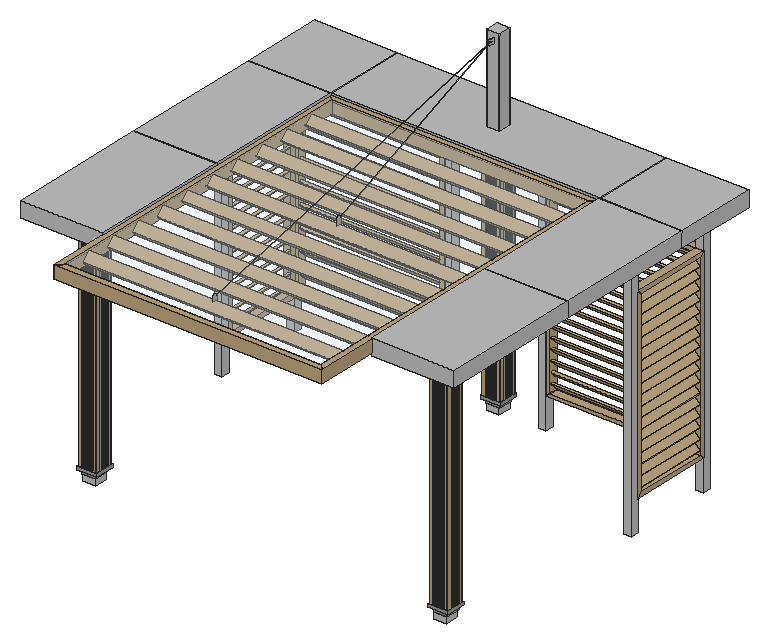
Revit family "L-FUR_파고라_DWP-300_데오스웍스", category 일반 모델, Revit 2021
Family settings
  보강 철근 호스트 가능 = 아니오
  원형 커넥터 치수 = 지름 사용
  부품 유형 = 보통
  작업 기준면 기반 = 아니오
  항상 수직 = 예
  로드될 때 보이드를 사용하여 절단 = 아니오
  공유 = 아니오
  룸 계산 점 = 아니오
Parameters
  한국산업규격KS = ""
  조달청표준공사코드-세부공종 = "24072293"
  기본 입면도 = 0 mm
  건설정보분류체계-부위분류 = "E941"
  LIM_INFO_주의사항 = "재배포, 재가공, 판매 금지"
  LIM_INFO_제품업체 = "예건"
  LIM_INFO_제품번호 = "YF-16"
  LIM_INFO_제품명 = "펜스_YF-16"
  LIM_INFO_제작일 = "20230315"
  LIM_INFO_재료 = "Hardwood, STL-pipe, STL-plate"
  LIM_INFO_업체정보 = ""
  LIM_INFO_업체URL = "https://yekun.com/"
  LIM_INFO_업체TEL = "(+82)31-943-6114"
  LIM_INFO_업체EMAIL = "yekun@yekun.com"
  LIM_INFO_버전 = "2023_V01"
  LIM_INFO_기타정보 = ""
  LIM_INFO_규격 = "W2000 x H1800"
  LIM_INFO_가격 = 0
  LIM_INFO_PV_포장재여부 = yes
  LIM_INFO_PV_면적 = 0.00 m²
  KBIMS_식별-버전 = ""
  KBIMS_식별-bSK등록번호 = ""
  KBIMS_보급정보-저작자 = "림인포테크_MMJ"
  KBIMS_보급정보-보급코드 = ""
Reference planes
  plane 1 "중심(앞/뒤)": y = 0
  plane 2: z = 0
  plane 3 "중심(왼쪽/오른쪽)": x = 0
Dimensions and locks
  aligned and locked: level to plane 2
Nested families
  nested 1: "DWP-300_base" at (0, 0, 0), type "DWP-300_base"
Definition of nested family "DWP-300_base"
  Parameters (values of type "DWP-300_base")
    Default Elevation = 0 mm
  Reference planes
    plane 1 "중심(앞/뒤)": y = 0
    plane 2: z = 0
    plane 3 "중심(왼쪽/오른쪽)": x = 0
  Forms (mm)
    Extrusion 1, solid, detail levels fine
      sketch origin (0, 2760, 0) x (0, 1, 0) y (0, 0, 1)
        loop
          line (-3015.858, 2441.569) -> (-3086.569, 2370.858) -> (-3044.142, 2328.431) -> (-2973.431, 2399.142) -> (-3015.858, 2441.569)
        loop
          line (-2715.858, 2441.569) -> (-2786.569, 2370.858) -> (-2744.142, 2328.431) -> (-2673.431, 2399.142) -> (-2715.858, 2441.569)
        loop
          line (-2373.431, 2399.142) -> (-2415.858, 2441.569) -> (-2486.569, 2370.858) -> (-2444.142, 2328.431) -> (-2373.431, 2399.142)
        loop
          line (-2073.431, 2399.142) -> (-2115.858, 2441.569) -> (-2186.569, 2370.858) -> (-2144.142, 2328.431) -> (-2073.431, 2399.142)
        loop
          line (-1773.431, 2399.142) -> (-1815.858, 2441.569) -> (-1886.569, 2370.858) -> (-1844.142, 2328.431) -> (-1773.431, 2399.142)
        loop
          line (-1473.431, 2399.142) -> (-1515.858, 2441.569) -> (-1586.569, 2370.858) -> (-1544.142, 2328.431) -> (-1473.431, 2399.142)
        loop
          line (-1173.431, 2399.142) -> (-1215.858, 2441.569) -> (-1286.569, 2370.858) -> (-1244.142, 2328.431) -> (-1173.431, 2399.142)
        loop
          line (-873.431, 2399.142) -> (-915.858, 2441.569) -> (-986.569, 2370.858) -> (-944.142, 2328.431) -> (-873.431, 2399.142)
        loop
          line (-573.431, 2399.142) -> (-615.858, 2441.569) -> (-686.569, 2370.858) -> (-644.142, 2328.431) -> (-573.431, 2399.142)
        loop
          line (-273.431, 2399.142) -> (-315.858, 2441.569) -> (-386.569, 2370.858) -> (-344.142, 2328.431) -> (-273.431, 2399.142)
      from 3340 to 860
    Extrusion 2, solid, detail levels fine
      sketch origin (0, 0, 0) x (1, 0, 0) y (0, 1, 0)
        loop
          line (82.5, 3197.5) -> (82.5, 3122.5) -> (157.5, 3122.5) -> (157.5, 3197.5) -> (82.5, 3197.5)
        loop
          line (82.5, 2322.5) -> (82.5, 2247.5) -> (157.5, 2247.5) -> (157.5, 2322.5) -> (82.5, 2322.5)
        loop
          line (1607.5, 3197.5) -> (1607.5, 3122.5) -> (1682.5, 3122.5) -> (1682.5, 3197.5) -> (1607.5, 3197.5)
        loop
          line (2517.5, 3197.5) -> (2517.5, 3122.5) -> (2592.5, 3122.5) -> (2592.5, 3197.5) -> (2517.5, 3197.5)
        loop
          line (4042.5, 3197.5) -> (4042.5, 3122.5) -> (4117.5, 3122.5) -> (4117.5, 3197.5) -> (4042.5, 3197.5)
        loop
          line (4042.5, 2322.5) -> (4042.5, 2247.5) -> (4117.5, 2247.5) -> (4117.5, 2322.5) -> (4042.5, 2322.5)
      from 0 to 2310
    Extrusion 3, solid, detail levels fine
      sketch origin (0, 0, 0) x (1, 0, 0) y (0, 1, 0)
        loop
          line (800, 2760) -> (860, 2700) -> (3340, 2700) -> (3400, 2760) -> (800, 2760)
        loop
          line (3400, -600) -> (3340, -540) -> (860, -540) -> (800, -600) -> (3400, -600)
      from 2445 to 2325
    Extrusion 4, solid, detail levels fine
      sketch origin (0, 0, 0) x (1, 0, 0) y (0, 1, 0)
        loop
          line (3400, -600) -> (3400, 2760) -> (3340, 2700) -> (3340, -540) -> (3400, -600)
        loop
          line (860, -540) -> (860, 2700) -> (800, 2760) -> (800, -600) -> (860, -540)
      from 2445 to 2325
    Extrusion 5, solid, detail levels fine
      sketch origin (0, 0, 0) x (0, 1, 0) y (0, 0, 1)
        loop
          line (3138.787, 2035.355) -> (3124.645, 2021.213) -> (3181.213, 1964.645) -> (3195.355, 1978.787) -> (3138.787, 2035.355)
        loop
          line (3138.787, 1935.355) -> (3124.645, 1921.213) -> (3181.213, 1864.645) -> (3195.355, 1878.787) -> (3138.787, 1935.355)
        loop
          line (3138.787, 1835.355) -> (3124.645, 1821.213) -> (3181.213, 1764.645) -> (3195.355, 1778.787) -> (3138.787, 1835.355)
        loop
          line (3138.787, 1735.355) -> (3124.645, 1721.213) -> (3181.213, 1664.645) -> (3195.355, 1678.787) -> (3138.787, 1735.355)
        loop
          line (3138.787, 1635.355) -> (3124.645, 1621.213) -> (3181.213, 1564.645) -> (3195.355, 1578.787) -> (3138.787, 1635.355)
        loop
          line (3138.787, 1535.355) -> (3124.645, 1521.213) -> (3181.213, 1464.645) -> (3195.355, 1478.787) -> (3138.787, 1535.355)
        loop
          line (3138.787, 1435.355) -> (3124.645, 1421.213) -> (3181.213, 1364.645) -> (3195.355, 1378.787) -> (3138.787, 1435.355)
        loop
          line (3138.787, 1335.355) -> (3124.645, 1321.213) -> (3181.213, 1264.645) -> (3195.355, 1278.787) -> (3138.787, 1335.355)
        loop
          line (3138.787, 1235.355) -> (3124.645, 1221.213) -> (3181.213, 1164.645) -> (3195.355, 1178.787) -> (3138.787, 1235.355)
        loop
          line (3138.787, 1135.355) -> (3124.645, 1121.213) -> (3181.213, 1064.645) -> (3195.355, 1078.787) -> (3138.787, 1135.355)
        loop
          line (3138.787, 1035.355) -> (3124.645, 1021.213) -> (3181.213, 964.645) -> (3195.355, 978.787) -> (3138.787, 1035.355)
        loop
          line (3138.787, 935.355) -> (3124.645, 921.213) -> (3181.213, 864.645) -> (3195.355, 878.787) -> (3138.787, 935.355)
        loop
          line (3138.787, 835.355) -> (3124.645, 821.213) -> (3181.213, 764.645) -> (3195.355, 778.787) -> (3138.787, 835.355)
        loop
          line (3138.787, 735.355) -> (3124.645, 721.213) -> (3181.213, 664.645) -> (3195.355, 678.787) -> (3138.787, 735.355)
        loop
          line (3138.787, 635.355) -> (3124.645, 621.213) -> (3181.213, 564.645) -> (3195.355, 578.787) -> (3138.787, 635.355)
        loop
          line (3138.787, 535.355) -> (3124.645, 521.213) -> (3181.213, 464.645) -> (3195.355, 478.787) -> (3138.787, 535.355)
        loop
          line (3138.787, 435.355) -> (3124.645, 421.213) -> (3181.213, 364.645) -> (3195.355, 378.787) -> (3138.787, 435.355)
      from 1567.5 to 198
    Extrusion 6, solid, detail levels fine
      sketch origin (0, 0, 0) x (0, 1, 0) y (0, 0, 1)
        loop
          line (3138.787, 2035.355) -> (3124.645, 2021.213) -> (3181.213, 1964.645) -> (3195.355, 1978.787) -> (3138.787, 2035.355)
        loop
          line (3138.787, 1935.355) -> (3124.645, 1921.213) -> (3181.213, 1864.645) -> (3195.355, 1878.787) -> (3138.787, 1935.355)
        loop
          line (3138.787, 1835.355) -> (3124.645, 1821.213) -> (3181.213, 1764.645) -> (3195.355, 1778.787) -> (3138.787, 1835.355)
        loop
          line (3138.787, 1735.355) -> (3124.645, 1721.213) -> (3181.213, 1664.645) -> (3195.355, 1678.787) -> (3138.787, 1735.355)
        loop
          line (3138.787, 1635.355) -> (3124.645, 1621.213) -> (3181.213, 1564.645) -> (3195.355, 1578.787) -> (3138.787, 1635.355)
        loop
          line (3138.787, 1535.355) -> (3124.645, 1521.213) -> (3181.213, 1464.645) -> (3195.355, 1478.787) -> (3138.787, 1535.355)
        loop
          line (3138.787, 1435.355) -> (3124.645, 1421.213) -> (3181.213, 1364.645) -> (3195.355, 1378.787) -> (3138.787, 1435.355)
        loop
          line (3138.787, 1335.355) -> (3124.645, 1321.213) -> (3181.213, 1264.645) -> (3195.355, 1278.787) -> (3138.787, 1335.355)
        loop
          line (3138.787, 1235.355) -> (3124.645, 1221.213) -> (3181.213, 1164.645) -> (3195.355, 1178.787) -> (3138.787, 1235.355)
        loop
          line (3138.787, 1135.355) -> (3124.645, 1121.213) -> (3181.213, 1064.645) -> (3195.355, 1078.787) -> (3138.787, 1135.355)
        loop
          line (3138.787, 1035.355) -> (3124.645, 1021.213) -> (3181.213, 964.645) -> (3195.355, 978.787) -> (3138.787, 1035.355)
        loop
          line (3138.787, 935.355) -> (3124.645, 921.213) -> (3181.213, 864.645) -> (3195.355, 878.787) -> (3138.787, 935.355)
        loop
          line (3138.787, 835.355) -> (3124.645, 821.213) -> (3181.213, 764.645) -> (3195.355, 778.787) -> (3138.787, 835.355)
        loop
          line (3138.787, 735.355) -> (3124.645, 721.213) -> (3181.213, 664.645) -> (3195.355, 678.787) -> (3138.787, 735.355)
        loop
          line (3138.787, 635.355) -> (3124.645, 621.213) -> (3181.213, 564.645) -> (3195.355, 578.787) -> (3138.787, 635.355)
        loop
          line (3138.787, 535.355) -> (3124.645, 521.213) -> (3181.213, 464.645) -> (3195.355, 478.787) -> (3138.787, 535.355)
        loop
          line (3138.787, 435.355) -> (3124.645, 421.213) -> (3181.213, 364.645) -> (3195.355, 378.787) -> (3138.787, 435.355)
      from 4002.5 to 2632.5
    Extrusion 7, solid, detail levels fine
      sketch origin (0, 0, 0) x (1, 0, 0) y (0, 0, 1)
        loop
          line (1607.5, 2100.355) -> (157.5, 2100.355) -> (197.5, 2060.355) -> (1567.5, 2060.355) -> (1607.5, 2100.355)
        loop
          line (4042.5, 2100.355) -> (2592.5, 2100.355) -> (2632.5, 2060.355) -> (4002.5, 2060.355) -> (4042.5, 2100.355)
        loop
          line (1607.5, 300) -> (1567.5, 340) -> (197.5, 340) -> (157.5, 300) -> (1607.5, 300)
        loop
          line (4042.5, 300) -> (4002.5, 340) -> (2632.5, 340) -> (2592.5, 300) -> (4042.5, 300)
      from -3197.5 to -3122.5
    Extrusion 8, solid, detail levels fine
      sketch origin (0, 0, 0) x (1, 0, 0) y (0, 1, 0)
        loop
          line (860, 2700) -> (860, -540) -> (3340, -540) -> (3340, 2700) -> (860, 2700)
      from 2435 to 2445
    Extrusion 9, solid, detail levels fine
      sketch origin (0, 0, 0) x (1, 0, 0) y (0, 1, 0)
        loop
          line (0, 1372.5) -> (0, 0) -> (800, 0) -> (800, 1372.5) -> (0, 1372.5)
        loop
          line (4200, 0) -> (4200, 1372.5) -> (3400, 1372.5) -> (3400, 0) -> (4200, 0)
      from 2310 to 2460
    Extrusion 10, solid, detail levels fine
      sketch origin (0, 0, 0) x (1, 0, 0) y (0, 1, 0)
        loop
          line (0, 2760) -> (0, 1372.5) -> (800, 1372.5) -> (800, 2760) -> (0, 2760)
        loop
          line (4200, 1372.5) -> (4200, 2760) -> (3400, 2760) -> (3400, 1372.5) -> (4200, 1372.5)
      from 2310 to 2460
    Extrusion 11, solid, detail levels fine
      sketch origin (0, 0, 0) x (1, 0, 0) y (0, 1, 0)
        loop
          line (0, 3560) -> (0, 2760) -> (800, 2760) -> (800, 3560) -> (0, 3560)
        loop
          line (3400, 3560) -> (3400, 2760) -> (4200, 2760) -> (4200, 3560) -> (3400, 3560)
      from 2310 to 2460
    Extrusion 12, solid, detail levels fine
      sketch origin (0, 0, 0) x (1, 0, 0) y (0, 1, 0)
        loop
          line (800, 3560) -> (800, 2760) -> (3400, 2760) -> (3400, 3560) -> (800, 3560)
      from 2310 to 2460
    Extrusion 13, solid, detail levels fine
      sketch origin (-13199.851, 4742.305, 0) x (1, 0, 0) y (0, 1, 0)
        loop
          line (16979.56, -4254.02) -> (16979.56, -4260.02) -> (16972.654, -4260.02) -> (16972.654, -4254.02) -> (16967.654, -4254.02) -> (16967.654, -4260.02) -> (16960.748, -4260.02) -> (16960.748, -4254.02) -> (16955.748, -4254.02) -> (16955.748, -4260.02) -> (16951.872, -4260.02) -> (16951.872, -4272.52) -> (16998.872, -4272.52) -> (16998.872, -4260.02) -> (16996.466, -4260.02) -> (16996.466, -4254.02) -> (16991.466, -4254.02) -> (16991.466, -4260.02) -> (16984.56, -4260.02) -> (16984.56, -4254.02) -> (16979.56, -4254.02)
        loop
          line (17003.278, -4254.02) -> (17003.278, -4260.02) -> (17000.872, -4260.02) -> (17000.872, -4272.52) -> (17047.872, -4272.52) -> (17047.872, -4260.02) -> (17043.996, -4260.02) -> (17043.996, -4254.02) -> (17038.996, -4254.02) -> (17038.996, -4260.02) -> (17032.09, -4260.02) -> (17032.09, -4254.02) -> (17027.09, -4254.02) -> (17027.09, -4260.02) -> (17020.184, -4260.02) -> (17020.184, -4254.02) -> (17015.184, -4254.02) -> (17015.184, -4260.02) -> (17008.278, -4260.02) -> (17008.278, -4254.02) -> (17003.278, -4254.02)
        loop
          line (16989.466, -4252.02) -> (16989.466, -4258.02) -> (16986.466, -4258.02) -> (16986.466, -4252.02) -> (16977.56, -4252.02) -> (16977.56, -4258.02) -> (16974.56, -4258.02) -> (16974.56, -4252.02) -> (16965.654, -4252.02) -> (16965.654, -4258.02) -> (16962.654, -4258.02) -> (16962.654, -4252.02) -> (16953.748, -4252.02) -> (16953.748, -4258.02) -> (16949.872, -4258.02) -> (16949.872, -4272.52) -> (16930.372, -4272.52) -> (16930.372, -4292.02) -> (16915.872, -4292.02) -> (16915.872, -4295.895) -> (16909.872, -4295.895) -> (16909.872, -4304.801) -> (16915.872, -4304.801) -> (16915.872, -4307.801) -> (16909.872, -4307.801) -> (16909.872, -4316.707) -> (16915.872, -4316.707) -> (16915.872, -4319.707) -> (16909.872, -4319.707) -> (16909.872, -4328.614) -> (16915.872, -4328.614) -> (16915.872, -4331.614) -> (16909.872, -4331.614) -> (16909.872, -4340.52) -> (16915.872, -4340.52) -> (16915.872, -4350.426) -> (16917.872, -4350.426) -> (16917.872, -4316.707) -> (16929.372, -4316.707) -> (16929.372, -4331.02)
          arc (16929.372, -4331.02) -> (16927.372, -4333.02) -> (16929.372, -4335.02) r 2
          line (16929.372, -4335.02) -> (16931.372, -4335.02) -> (16931.372, -4316.707) -> (16933.872, -4316.707) -> (16933.872, -4314.707) -> (16932.372, -4314.707) -> (16932.372, -4294.02) -> (16933.872, -4294.02) -> (16933.872, -4292.02) -> (16932.372, -4292.02) -> (16932.372, -4274.52) -> (16949.872, -4274.52) -> (16949.872, -4276.02) -> (16951.872, -4276.02) -> (16951.872, -4274.52) -> (16998.872, -4274.52) -> (16998.872, -4276.02) -> (17000.872, -4276.02) -> (17000.872, -4274.52) -> (17047.872, -4274.52) -> (17047.872, -4276.02) -> (17049.872, -4276.02) -> (17049.872, -4274.52) -> (17067.372, -4274.52) -> (17067.372, -4292.02) -> (17065.872, -4292.02) -> (17065.872, -4294.02) -> (17067.372, -4294.02) -> (17067.372, -4314.707) -> (17065.872, -4314.707) -> (17065.872, -4316.707) -> (17068.372, -4316.707) -> (17068.372, -4335.02) -> (17070.372, -4335.02)
          arc (17070.372, -4335.02) -> (17072.372, -4333.02) -> (17070.372, -4331.02) r 2
          line (17070.372, -4331.02) -> (17070.372, -4316.707) -> (17081.872, -4316.707) -> (17081.872, -4331.614) -> (17079.872, -4331.614) -> (17079.872, -4340.52) -> (17081.872, -4340.52) -> (17081.872, -4333.614) -> (17083.872, -4333.614) -> (17083.872, -4340.52) -> (17089.872, -4340.52) -> (17089.872, -4331.614) -> (17083.872, -4331.614) -> (17083.872, -4328.614) -> (17089.872, -4328.614) -> (17089.872, -4319.707) -> (17083.872, -4319.707) -> (17083.872, -4316.707) -> (17089.872, -4316.707) -> (17089.872, -4307.801) -> (17083.872, -4307.801) -> (17083.872, -4304.801) -> (17089.872, -4304.801) -> (17089.872, -4295.895) -> (17083.872, -4295.895) -> (17083.872, -4292.02) -> (17069.372, -4292.02) -> (17069.372, -4272.52) -> (17049.872, -4272.52) -> (17049.872, -4258.02) -> (17045.996, -4258.02) -> (17045.996, -4252.02) -> (17037.09, -4252.02) -> (17037.09, -4258.02) -> (17034.09, -4258.02) -> (17034.09, -4252.02) -> (17025.184, -4252.02) -> (17025.184, -4258.02) -> (17022.184, -4258.02) -> (17022.184, -4252.02) -> (17013.278, -4252.02) -> (17013.278, -4258.02) -> (17010.278, -4258.02) -> (17010.278, -4252.02) -> (17001.372, -4252.02) -> (17001.372, -4258.02) -> (16998.372, -4258.02) -> (16998.372, -4252.02) -> (16989.466, -4252.02)
        loop
          line (16917.872, -4314.707) -> (16930.372, -4314.707) -> (16930.372, -4294.02) -> (16917.872, -4294.02) -> (16917.872, -4314.707)
        loop
          line (16911.872, -4302.895) -> (16915.872, -4302.895) -> (16915.872, -4297.895) -> (16911.872, -4297.895) -> (16911.872, -4302.895)
        loop
          line (16911.872, -4309.801) -> (16911.872, -4314.801) -> (16915.872, -4314.801) -> (16915.872, -4309.801) -> (16911.872, -4309.801)
        loop
          line (16911.872, -4321.707) -> (16911.872, -4326.707) -> (16915.872, -4326.707) -> (16915.872, -4321.707) -> (16911.872, -4321.707)
        loop
          line (16911.872, -4333.614) -> (16911.872, -4338.614) -> (16915.872, -4338.614) -> (16915.872, -4333.614) -> (16911.872, -4333.614)
        loop
          line (17081.872, -4314.707) -> (17081.872, -4294.02) -> (17069.372, -4294.02) -> (17069.372, -4314.707) -> (17081.872, -4314.707)
        loop
          line (17087.872, -4302.895) -> (17087.872, -4297.895) -> (17083.872, -4297.895) -> (17083.872, -4302.895) -> (17087.872, -4302.895)
        loop
          line (17087.872, -4309.801) -> (17083.872, -4309.801) -> (17083.872, -4314.801) -> (17087.872, -4314.801) -> (17087.872, -4309.801)
        loop
          line (17087.872, -4321.707) -> (17083.872, -4321.707) -> (17083.872, -4326.707) -> (17087.872, -4326.707) -> (17087.872, -4321.707)
        loop
          line (17085.872, -4338.614) -> (17087.872, -4338.614) -> (17087.872, -4333.614) -> (17085.872, -4333.614) -> (17085.872, -4338.614)
      from 130 to 2170
    Extrusion 14, solid, detail levels fine
      sketch origin (-13199.851, 4742.305, 0) x (1, 0, 0) y (0, 1, 0)
        loop
          line (16949.872, -4252.02) -> (16916.372, -4252.02)
          arc (16916.372, -4252.02) -> (16911.776, -4253.923) -> (16909.872, -4258.52) r 6.5
          line (16909.872, -4258.52) -> (16909.872, -4292.02) -> (16930.372, -4292.02) -> (16930.372, -4272.52) -> (16949.872, -4272.52) -> (16949.872, -4252.02)
        loop
          line (17083.372, -4252.02) -> (17049.872, -4252.02) -> (17049.872, -4272.52) -> (17069.372, -4272.52) -> (17069.372, -4292.02) -> (17089.872, -4292.02) -> (17089.872, -4258.52)
          arc (17089.872, -4258.52) -> (17087.968, -4253.923) -> (17083.372, -4252.02) r 6.5
        loop
          line (16916.372, -4432.02) -> (16949.872, -4432.02) -> (16949.872, -4411.52) -> (16930.372, -4411.52) -> (16930.372, -4392.02) -> (16909.872, -4392.02) -> (16909.872, -4425.52)
          arc (16909.872, -4425.52) -> (16911.776, -4430.116) -> (16916.372, -4432.02) r 6.5
        loop
          line (17049.872, -4432.02) -> (17083.372, -4432.02)
          arc (17083.372, -4432.02) -> (17087.968, -4430.116) -> (17089.872, -4425.52) r 6.5
          line (17089.872, -4425.52) -> (17089.872, -4392.02) -> (17069.372, -4392.02) -> (17069.372, -4411.52) -> (17049.872, -4411.52) -> (17049.872, -4432.02)
      from 130 to 2170
    Extrusion 15, solid, detail levels fine
      sketch origin (-13199.851, 4742.305, 0) x (1, 0, 0) y (0, 1, 0)
        loop
          line (16909.872, -4343.52) -> (16909.872, -4352.426) -> (16915.872, -4352.426) -> (16915.872, -4355.426) -> (16909.872, -4355.426) -> (16909.872, -4364.332) -> (16915.872, -4364.332) -> (16915.872, -4367.332) -> (16909.872, -4367.332) -> (16909.872, -4376.238) -> (16915.872, -4376.238) -> (16915.872, -4379.238) -> (16909.872, -4379.238) -> (16909.872, -4388.144) -> (16915.872, -4388.144) -> (16915.872, -4392.02) -> (16930.372, -4392.02) -> (16930.372, -4411.52) -> (16949.872, -4411.52) -> (16949.872, -4426.02) -> (16953.748, -4426.02) -> (16953.748, -4432.02) -> (16962.654, -4432.02) -> (16962.654, -4426.02) -> (16965.654, -4426.02) -> (16965.654, -4432.02) -> (16974.56, -4432.02) -> (16974.56, -4426.02) -> (16977.56, -4426.02) -> (16977.56, -4432.02) -> (16986.466, -4432.02) -> (16986.466, -4426.02) -> (16989.466, -4426.02) -> (16989.466, -4432.02) -> (16998.372, -4432.02) -> (16998.372, -4426.02) -> (17001.372, -4426.02) -> (17001.372, -4432.02) -> (17010.278, -4432.02) -> (17010.278, -4426.02) -> (17013.278, -4426.02) -> (17013.278, -4432.02) -> (17022.184, -4432.02) -> (17022.184, -4426.02) -> (17025.184, -4426.02) -> (17025.184, -4432.02) -> (17034.09, -4432.02) -> (17034.09, -4426.02) -> (17037.09, -4426.02) -> (17037.09, -4432.02) -> (17045.996, -4432.02) -> (17045.996, -4426.02) -> (17049.872, -4426.02) -> (17049.872, -4411.52) -> (17069.372, -4411.52) -> (17069.372, -4392.02) -> (17083.872, -4392.02) -> (17083.872, -4388.144) -> (17089.872, -4388.144) -> (17089.872, -4379.238) -> (17083.872, -4379.238) -> (17083.872, -4376.238) -> (17089.872, -4376.238) -> (17089.872, -4367.332) -> (17083.872, -4367.332) -> (17083.872, -4364.332) -> (17089.872, -4364.332) -> (17089.872, -4355.426) -> (17083.872, -4355.426) -> (17083.872, -4352.426) -> (17089.872, -4352.426) -> (17089.872, -4343.52) -> (17083.872, -4343.52) -> (17083.872, -4333.614) -> (17081.872, -4333.614) -> (17081.872, -4367.332) -> (17070.372, -4367.332) -> (17070.372, -4353.02)
          arc (17070.372, -4353.02) -> (17072.372, -4351.02) -> (17070.372, -4349.02) r 2
          line (17070.372, -4349.02) -> (17068.372, -4349.02) -> (17068.372, -4367.332) -> (17065.872, -4367.332) -> (17065.872, -4369.332) -> (17067.372, -4369.332) -> (17067.372, -4390.02) -> (17065.872, -4390.02) -> (17065.872, -4392.02) -> (17067.372, -4392.02) -> (17067.372, -4409.52) -> (17049.872, -4409.52) -> (17049.872, -4408.02) -> (17047.872, -4408.02) -> (17047.872, -4409.52) -> (17000.872, -4409.52) -> (17000.872, -4408.02) -> (16998.872, -4408.02) -> (16998.872, -4409.52) -> (16951.872, -4409.52) -> (16951.872, -4408.02) -> (16949.872, -4408.02) -> (16949.872, -4409.52) -> (16932.372, -4409.52) -> (16932.372, -4392.02) -> (16933.872, -4392.02) -> (16933.872, -4390.02) -> (16932.372, -4390.02) -> (16932.372, -4369.332) -> (16933.872, -4369.332) -> (16933.872, -4367.332) -> (16931.372, -4367.332) -> (16931.372, -4349.02) -> (16929.372, -4349.02)
          arc (16929.372, -4349.02) -> (16927.372, -4351.02) -> (16929.372, -4353.02) r 2
          line (16929.372, -4353.02) -> (16929.372, -4367.332) -> (16917.872, -4367.332) -> (16917.872, -4352.426) -> (16919.872, -4352.426) -> (16919.872, -4343.52) -> (16917.872, -4343.52) -> (16917.872, -4350.426) -> (16915.872, -4350.426) -> (16915.872, -4343.52) -> (16909.872, -4343.52)
        loop
          line (16951.872, -4411.52) -> (16951.872, -4424.02) -> (16955.748, -4424.02) -> (16955.748, -4430.02) -> (16960.748, -4430.02) -> (16960.748, -4424.02) -> (16967.654, -4424.02) -> (16967.654, -4430.02) -> (16972.654, -4430.02) -> (16972.654, -4424.02) -> (16979.56, -4424.02) -> (16979.56, -4430.02) -> (16984.56, -4430.02) -> (16984.56, -4424.02) -> (16991.466, -4424.02) -> (16991.466, -4430.02) -> (16996.466, -4430.02) -> (16996.466, -4424.02) -> (16998.872, -4424.02) -> (16998.872, -4411.52) -> (16951.872, -4411.52)
        loop
          line (17000.872, -4411.52) -> (17000.872, -4424.02) -> (17003.278, -4424.02) -> (17003.278, -4430.02) -> (17008.278, -4430.02) -> (17008.278, -4424.02) -> (17015.184, -4424.02) -> (17015.184, -4430.02) -> (17020.184, -4430.02) -> (17020.184, -4424.02) -> (17027.09, -4424.02) -> (17027.09, -4430.02) -> (17032.09, -4430.02) -> (17032.09, -4424.02) -> (17038.996, -4424.02) -> (17038.996, -4430.02) -> (17043.996, -4430.02) -> (17043.996, -4424.02) -> (17047.872, -4424.02) -> (17047.872, -4411.52) -> (17000.872, -4411.52)
        loop
          line (16917.872, -4390.02) -> (16930.372, -4390.02) -> (16930.372, -4369.332) -> (16917.872, -4369.332) -> (16917.872, -4390.02)
        loop
          line (16911.872, -4350.426) -> (16913.872, -4350.426) -> (16913.872, -4345.426) -> (16911.872, -4345.426) -> (16911.872, -4350.426)
        loop
          line (16911.872, -4362.332) -> (16915.872, -4362.332) -> (16915.872, -4357.332) -> (16911.872, -4357.332) -> (16911.872, -4362.332)
        loop
          line (16911.872, -4374.238) -> (16915.872, -4374.238) -> (16915.872, -4369.238) -> (16911.872, -4369.238) -> (16911.872, -4374.238)
        loop
          line (16911.872, -4381.144) -> (16911.872, -4386.144) -> (16915.872, -4386.144) -> (16915.872, -4381.144) -> (16911.872, -4381.144)
        loop
          line (17069.372, -4369.332) -> (17069.372, -4390.02) -> (17081.872, -4390.02) -> (17081.872, -4369.332) -> (17069.372, -4369.332)
        loop
          line (17087.872, -4381.144) -> (17083.872, -4381.144) -> (17083.872, -4386.144) -> (17087.872, -4386.144) -> (17087.872, -4381.144)
        loop
          line (17087.872, -4369.238) -> (17083.872, -4369.238) -> (17083.872, -4374.238) -> (17087.872, -4374.238) -> (17087.872, -4369.238)
        loop
          line (17087.872, -4357.332) -> (17083.872, -4357.332) -> (17083.872, -4362.332) -> (17087.872, -4362.332) -> (17087.872, -4357.332)
        loop
          line (17087.872, -4345.426) -> (17083.872, -4345.426) -> (17083.872, -4350.426) -> (17087.872, -4350.426) -> (17087.872, -4345.426)
      from 130 to 2170
    Extrusion 16, solid, detail levels fine
      sketch origin (-13199.851, 4742.305, 0) x (1, 0, 0) y (0, 1, 0)
        loop
          line (16933.872, -4337.02) -> (16933.872, -4342.047) -> (16933.872, -4347.02) -> (16925.372, -4347.02) -> (16925.372, -4357.62) -> (16927.372, -4357.62) -> (16927.372, -4355.62) -> (16929.172, -4353.82) -> (16927.372, -4352.02) -> (16927.372, -4349.02) -> (16933.872, -4349.02) -> (16933.872, -4396.02)
          arc (16933.872, -4396.02) -> (16937.387, -4404.505) -> (16945.872, -4408.02) r 12
          line (16945.872, -4408.02) -> (17053.872, -4408.02)
          arc (17053.872, -4408.02) -> (17062.357, -4404.505) -> (17065.872, -4396.02) r 12
          line (17065.872, -4396.02) -> (17065.872, -4349.02) -> (17072.372, -4349.02) -> (17072.372, -4352.02) -> (17070.572, -4353.82) -> (17072.372, -4355.62) -> (17072.372, -4357.62) -> (17074.372, -4357.62) -> (17074.372, -4347.02) -> (17065.872, -4347.02) -> (17065.872, -4342.034) -> (17065.872, -4337.02) -> (17074.372, -4337.02) -> (17074.372, -4326.42) -> (17072.372, -4326.42) -> (17072.372, -4328.42) -> (17070.572, -4330.22) -> (17072.372, -4332.02) -> (17072.372, -4335.02) -> (17065.872, -4335.02) -> (17065.872, -4288.02)
          arc (17065.872, -4288.02) -> (17062.357, -4279.534) -> (17053.872, -4276.02) r 12
          line (17053.872, -4276.02) -> (16945.872, -4276.02)
          arc (16945.872, -4276.02) -> (16937.387, -4279.534) -> (16933.872, -4288.02) r 12
          line (16933.872, -4288.02) -> (16933.872, -4335.02) -> (16927.372, -4335.02) -> (16927.372, -4332.02) -> (16929.172, -4330.22) -> (16927.372, -4328.42) -> (16927.372, -4326.42) -> (16925.372, -4326.42) -> (16925.372, -4337.02) -> (16933.872, -4337.02)
        loop
          line (17063.872, -4342.194) -> (17063.872, -4337.02) -> (17062.372, -4337.02) -> (17062.372, -4335.02) -> (17063.872, -4335.02) -> (17063.872, -4294.02) -> (17062.372, -4294.02) -> (17062.372, -4292.02) -> (17063.872, -4292.02) -> (17063.872, -4288.02)
          arc (17063.872, -4288.02) -> (17060.943, -4280.949) -> (17053.872, -4278.02) r 10
          line (17053.872, -4278.02) -> (17049.872, -4278.02) -> (17049.872, -4279.52) -> (17047.872, -4279.52) -> (17047.872, -4278.02) -> (17000.872, -4278.02) -> (17000.872, -4279.52) -> (16998.872, -4279.52) -> (16998.872, -4278.02) -> (16951.872, -4278.02) -> (16951.872, -4279.52) -> (16949.872, -4279.52) -> (16949.872, -4278.02) -> (16945.872, -4278.02)
          arc (16945.872, -4278.02) -> (16938.801, -4280.949) -> (16935.872, -4288.02) r 10
          line (16935.872, -4288.02) -> (16935.872, -4292.02) -> (16937.372, -4292.02) -> (16937.372, -4294.02) -> (16935.872, -4294.02) -> (16935.872, -4335.02) -> (16937.372, -4335.02) -> (16937.372, -4337.02) -> (16935.872, -4337.02) -> (16935.872, -4341.816) -> (16935.872, -4347.02) -> (16937.372, -4347.02) -> (16937.372, -4349.02) -> (16935.872, -4349.02) -> (16935.872, -4390.02) -> (16937.372, -4390.02) -> (16937.372, -4392.02) -> (16935.872, -4392.02) -> (16935.872, -4396.02)
          arc (16935.872, -4396.02) -> (16938.801, -4403.091) -> (16945.872, -4406.02) r 10
          line (16945.872, -4406.02) -> (16949.872, -4406.02) -> (16949.872, -4404.52) -> (16951.872, -4404.52) -> (16951.872, -4406.02) -> (16998.872, -4406.02) -> (16998.872, -4404.52) -> (17000.872, -4404.52) -> (17000.872, -4406.02) -> (17047.872, -4406.02) -> (17047.872, -4404.52) -> (17049.872, -4404.52) -> (17049.872, -4406.02) -> (17053.872, -4406.02)
          arc (17053.872, -4406.02) -> (17060.943, -4403.091) -> (17063.872, -4396.02) r 10
          line (17063.872, -4396.02) -> (17063.872, -4392.02) -> (17062.372, -4392.02) -> (17062.372, -4390.02) -> (17063.872, -4390.02) -> (17063.872, -4349.02) -> (17062.372, -4349.02) -> (17062.372, -4347.02) -> (17063.872, -4347.02) -> (17063.872, -4342.194)
      from 130 to 2170
    Extrusion 17, solid, detail levels fine
      sketch origin (-13199.851, 4742.305, 0) x (1, 0, 0) y (0, 1, 0)
        loop
          line (17053.872, -4282.72) -> (16945.872, -4282.72)
          arc (16945.872, -4282.72) -> (16942.124, -4284.272) -> (16940.572, -4288.02) r 5.3
          line (16940.572, -4288.02) -> (16940.572, -4396.02)
          arc (16940.572, -4396.02) -> (16942.124, -4399.767) -> (16945.872, -4401.32) r 5.3
          line (16945.872, -4401.32) -> (17053.872, -4401.32)
          arc (17053.872, -4401.32) -> (17057.62, -4399.767) -> (17059.172, -4396.02) r 5.3
          line (17059.172, -4396.02) -> (17059.172, -4288.02)
          arc (17059.172, -4288.02) -> (17057.62, -4284.272) -> (17053.872, -4282.72) r 5.3
        loop
          line (17053.872, -4279.52) -> (16945.872, -4279.52)
          arc (16945.872, -4279.52) -> (16939.862, -4282.009) -> (16937.372, -4288.02) r 8.5
          line (16937.372, -4288.02) -> (16937.372, -4396.02)
          arc (16937.372, -4396.02) -> (16939.862, -4402.03) -> (16945.872, -4404.52) r 8.5
          line (16945.872, -4404.52) -> (17053.872, -4404.52)
          arc (17053.872, -4404.52) -> (17059.882, -4402.03) -> (17062.372, -4396.02) r 8.5
          line (17062.372, -4396.02) -> (17062.372, -4288.02)
          arc (17062.372, -4288.02) -> (17059.882, -4282.009) -> (17053.872, -4279.52) r 8.5
      from 130 to 2170
    Extrusion 18, solid, detail levels fine
      sketch origin (0, 0, 0) x (1, 0, 0) y (0, 1, 0)
        loop
          line (3705.021, 305.286) -> (3895.021, 305.286) -> (3895.021, 495.286) -> (3705.021, 495.286) -> (3705.021, 305.286)
      from 100 to 130
    Extrusion 19, solid, detail levels fine
      sketch origin (0, 0, 0) x (1, 0, 0) y (0, 1, 0)
        loop
          line (3732.021, 468.286) -> (3732.021, 333.286) -> (3867.021, 333.286) -> (3867.021, 468.286) -> (3732.021, 468.286)
      from 60 to 100
    Extrusion 20, solid, detail levels fine
      sketch origin (0, 0, 0) x (1, 0, 0) y (0, 1, 0)
        loop
          line (3705.021, 305.286) -> (3895.021, 305.286) -> (3895.021, 495.286) -> (3705.021, 495.286) -> (3705.021, 305.286)
      from 2170 to 2200
    Extrusion 21, solid, detail levels fine
      sketch origin (0, 0, 0) x (1, 0, 0) y (0, 1, 0)
        loop
          line (3732.021, 468.286) -> (3732.021, 333.286) -> (3867.021, 333.286) -> (3867.021, 468.286) -> (3732.021, 468.286)
      from 2200 to 2240
    Extrusion 22, solid, detail levels fine
      sketch origin (0, 0, 0) x (1, 0, 0) y (0, 1, 0)
        loop
          line (3737.021, 458.286) -> (3737.021, 333.286) -> (3862.021, 333.286) -> (3862.021, 458.286) -> (3737.021, 458.286)
      from 0 to 60
    Extrusion 23, solid, detail levels fine
      sketch origin (0, 0, 0) x (1, 0, 0) y (0, 1, 0)
        loop
          line (3737.021, 458.286) -> (3737.021, 333.286) -> (3862.021, 333.286) -> (3862.021, 458.286) -> (3737.021, 458.286)
      from 2240 to 2300
    Extrusion 24, solid, detail levels fine
      sketch origin (0, 0, 0) x (1, 0, 0) y (0, 1, 0)
        loop
          line (3687.5, 512.5) -> (3687.5, 287.5) -> (3912.5, 287.5) -> (3912.5, 512.5) -> (3687.5, 512.5)
      from 2300 to 2310
    Extrusion 25, solid, detail levels fine
      sketch origin (-16599.851, 4742.305, 0) x (1, 0, 0) y (0, 1, 0)
        loop
          line (16979.56, -4254.02) -> (16979.56, -4260.02) -> (16972.654, -4260.02) -> (16972.654, -4254.02) -> (16967.654, -4254.02) -> (16967.654, -4260.02) -> (16960.748, -4260.02) -> (16960.748, -4254.02) -> (16955.748, -4254.02) -> (16955.748, -4260.02) -> (16951.872, -4260.02) -> (16951.872, -4272.52) -> (16998.872, -4272.52) -> (16998.872, -4260.02) -> (16996.466, -4260.02) -> (16996.466, -4254.02) -> (16991.466, -4254.02) -> (16991.466, -4260.02) -> (16984.56, -4260.02) -> (16984.56, -4254.02) -> (16979.56, -4254.02)
        loop
          line (17003.278, -4254.02) -> (17003.278, -4260.02) -> (17000.872, -4260.02) -> (17000.872, -4272.52) -> (17047.872, -4272.52) -> (17047.872, -4260.02) -> (17043.996, -4260.02) -> (17043.996, -4254.02) -> (17038.996, -4254.02) -> (17038.996, -4260.02) -> (17032.09, -4260.02) -> (17032.09, -4254.02) -> (17027.09, -4254.02) -> (17027.09, -4260.02) -> (17020.184, -4260.02) -> (17020.184, -4254.02) -> (17015.184, -4254.02) -> (17015.184, -4260.02) -> (17008.278, -4260.02) -> (17008.278, -4254.02) -> (17003.278, -4254.02)
        loop
          line (16989.466, -4252.02) -> (16989.466, -4258.02) -> (16986.466, -4258.02) -> (16986.466, -4252.02) -> (16977.56, -4252.02) -> (16977.56, -4258.02) -> (16974.56, -4258.02) -> (16974.56, -4252.02) -> (16965.654, -4252.02) -> (16965.654, -4258.02) -> (16962.654, -4258.02) -> (16962.654, -4252.02) -> (16953.748, -4252.02) -> (16953.748, -4258.02) -> (16949.872, -4258.02) -> (16949.872, -4272.52) -> (16930.372, -4272.52) -> (16930.372, -4292.02) -> (16915.872, -4292.02) -> (16915.872, -4295.895) -> (16909.872, -4295.895) -> (16909.872, -4304.801) -> (16915.872, -4304.801) -> (16915.872, -4307.801) -> (16909.872, -4307.801) -> (16909.872, -4316.707) -> (16915.872, -4316.707) -> (16915.872, -4319.707) -> (16909.872, -4319.707) -> (16909.872, -4328.614) -> (16915.872, -4328.614) -> (16915.872, -4331.614) -> (16909.872, -4331.614) -> (16909.872, -4340.52) -> (16915.872, -4340.52) -> (16915.872, -4350.426) -> (16917.872, -4350.426) -> (16917.872, -4316.707) -> (16929.372, -4316.707) -> (16929.372, -4331.02)
          arc (16929.372, -4331.02) -> (16927.372, -4333.02) -> (16929.372, -4335.02) r 2
          line (16929.372, -4335.02) -> (16931.372, -4335.02) -> (16931.372, -4316.707) -> (16933.872, -4316.707) -> (16933.872, -4314.707) -> (16932.372, -4314.707) -> (16932.372, -4294.02) -> (16933.872, -4294.02) -> (16933.872, -4292.02) -> (16932.372, -4292.02) -> (16932.372, -4274.52) -> (16949.872, -4274.52) -> (16949.872, -4276.02) -> (16951.872, -4276.02) -> (16951.872, -4274.52) -> (16998.872, -4274.52) -> (16998.872, -4276.02) -> (17000.872, -4276.02) -> (17000.872, -4274.52) -> (17047.872, -4274.52) -> (17047.872, -4276.02) -> (17049.872, -4276.02) -> (17049.872, -4274.52) -> (17067.372, -4274.52) -> (17067.372, -4292.02) -> (17065.872, -4292.02) -> (17065.872, -4294.02) -> (17067.372, -4294.02) -> (17067.372, -4314.707) -> (17065.872, -4314.707) -> (17065.872, -4316.707) -> (17068.372, -4316.707) -> (17068.372, -4335.02) -> (17070.372, -4335.02)
          arc (17070.372, -4335.02) -> (17072.372, -4333.02) -> (17070.372, -4331.02) r 2
          line (17070.372, -4331.02) -> (17070.372, -4316.707) -> (17081.872, -4316.707) -> (17081.872, -4331.614) -> (17079.872, -4331.614) -> (17079.872, -4340.52) -> (17081.872, -4340.52) -> (17081.872, -4333.614) -> (17083.872, -4333.614) -> (17083.872, -4340.52) -> (17089.872, -4340.52) -> (17089.872, -4331.614) -> (17083.872, -4331.614) -> (17083.872, -4328.614) -> (17089.872, -4328.614) -> (17089.872, -4319.707) -> (17083.872, -4319.707) -> (17083.872, -4316.707) -> (17089.872, -4316.707) -> (17089.872, -4307.801) -> (17083.872, -4307.801) -> (17083.872, -4304.801) -> (17089.872, -4304.801) -> (17089.872, -4295.895) -> (17083.872, -4295.895) -> (17083.872, -4292.02) -> (17069.372, -4292.02) -> (17069.372, -4272.52) -> (17049.872, -4272.52) -> (17049.872, -4258.02) -> (17045.996, -4258.02) -> (17045.996, -4252.02) -> (17037.09, -4252.02) -> (17037.09, -4258.02) -> (17034.09, -4258.02) -> (17034.09, -4252.02) -> (17025.184, -4252.02) -> (17025.184, -4258.02) -> (17022.184, -4258.02) -> (17022.184, -4252.02) -> (17013.278, -4252.02) -> (17013.278, -4258.02) -> (17010.278, -4258.02) -> (17010.278, -4252.02) -> (17001.372, -4252.02) -> (17001.372, -4258.02) -> (16998.372, -4258.02) -> (16998.372, -4252.02) -> (16989.466, -4252.02)
        loop
          line (16917.872, -4314.707) -> (16930.372, -4314.707) -> (16930.372, -4294.02) -> (16917.872, -4294.02) -> (16917.872, -4314.707)
        loop
          line (16911.872, -4302.895) -> (16915.872, -4302.895) -> (16915.872, -4297.895) -> (16911.872, -4297.895) -> (16911.872, -4302.895)
        loop
          line (16911.872, -4309.801) -> (16911.872, -4314.801) -> (16915.872, -4314.801) -> (16915.872, -4309.801) -> (16911.872, -4309.801)
        loop
          line (16911.872, -4321.707) -> (16911.872, -4326.707) -> (16915.872, -4326.707) -> (16915.872, -4321.707) -> (16911.872, -4321.707)
        loop
          line (16911.872, -4333.614) -> (16911.872, -4338.614) -> (16915.872, -4338.614) -> (16915.872, -4333.614) -> (16911.872, -4333.614)
        loop
          line (17081.872, -4314.707) -> (17081.872, -4294.02) -> (17069.372, -4294.02) -> (17069.372, -4314.707) -> (17081.872, -4314.707)
        loop
          line (17087.872, -4302.895) -> (17087.872, -4297.895) -> (17083.872, -4297.895) -> (17083.872, -4302.895) -> (17087.872, -4302.895)
        loop
          line (17087.872, -4309.801) -> (17083.872, -4309.801) -> (17083.872, -4314.801) -> (17087.872, -4314.801) -> (17087.872, -4309.801)
        loop
          line (17087.872, -4321.707) -> (17083.872, -4321.707) -> (17083.872, -4326.707) -> (17087.872, -4326.707) -> (17087.872, -4321.707)
        loop
          line (17085.872, -4338.614) -> (17087.872, -4338.614) -> (17087.872, -4333.614) -> (17085.872, -4333.614) -> (17085.872, -4338.614)
      from 130 to 2170
    Extrusion 26, solid, detail levels fine
      sketch origin (-16599.851, 4742.305, 0) x (1, 0, 0) y (0, 1, 0)
        loop
          line (16949.872, -4252.02) -> (16916.372, -4252.02)
          arc (16916.372, -4252.02) -> (16911.776, -4253.923) -> (16909.872, -4258.52) r 6.5
          line (16909.872, -4258.52) -> (16909.872, -4292.02) -> (16930.372, -4292.02) -> (16930.372, -4272.52) -> (16949.872, -4272.52) -> (16949.872, -4252.02)
        loop
          line (17083.372, -4252.02) -> (17049.872, -4252.02) -> (17049.872, -4272.52) -> (17069.372, -4272.52) -> (17069.372, -4292.02) -> (17089.872, -4292.02) -> (17089.872, -4258.52)
          arc (17089.872, -4258.52) -> (17087.968, -4253.923) -> (17083.372, -4252.02) r 6.5
        loop
          line (16916.372, -4432.02) -> (16949.872, -4432.02) -> (16949.872, -4411.52) -> (16930.372, -4411.52) -> (16930.372, -4392.02) -> (16909.872, -4392.02) -> (16909.872, -4425.52)
          arc (16909.872, -4425.52) -> (16911.776, -4430.116) -> (16916.372, -4432.02) r 6.5
        loop
          line (17049.872, -4432.02) -> (17083.372, -4432.02)
          arc (17083.372, -4432.02) -> (17087.968, -4430.116) -> (17089.872, -4425.52) r 6.5
          line (17089.872, -4425.52) -> (17089.872, -4392.02) -> (17069.372, -4392.02) -> (17069.372, -4411.52) -> (17049.872, -4411.52) -> (17049.872, -4432.02)
      from 130 to 2170
    Extrusion 27, solid, detail levels fine
      sketch origin (-16599.851, 4742.305, 0) x (1, 0, 0) y (0, 1, 0)
        loop
          line (16909.872, -4343.52) -> (16909.872, -4352.426) -> (16915.872, -4352.426) -> (16915.872, -4355.426) -> (16909.872, -4355.426) -> (16909.872, -4364.332) -> (16915.872, -4364.332) -> (16915.872, -4367.332) -> (16909.872, -4367.332) -> (16909.872, -4376.238) -> (16915.872, -4376.238) -> (16915.872, -4379.238) -> (16909.872, -4379.238) -> (16909.872, -4388.144) -> (16915.872, -4388.144) -> (16915.872, -4392.02) -> (16930.372, -4392.02) -> (16930.372, -4411.52) -> (16949.872, -4411.52) -> (16949.872, -4426.02) -> (16953.748, -4426.02) -> (16953.748, -4432.02) -> (16962.654, -4432.02) -> (16962.654, -4426.02) -> (16965.654, -4426.02) -> (16965.654, -4432.02) -> (16974.56, -4432.02) -> (16974.56, -4426.02) -> (16977.56, -4426.02) -> (16977.56, -4432.02) -> (16986.466, -4432.02) -> (16986.466, -4426.02) -> (16989.466, -4426.02) -> (16989.466, -4432.02) -> (16998.372, -4432.02) -> (16998.372, -4426.02) -> (17001.372, -4426.02) -> (17001.372, -4432.02) -> (17010.278, -4432.02) -> (17010.278, -4426.02) -> (17013.278, -4426.02) -> (17013.278, -4432.02) -> (17022.184, -4432.02) -> (17022.184, -4426.02) -> (17025.184, -4426.02) -> (17025.184, -4432.02) -> (17034.09, -4432.02) -> (17034.09, -4426.02) -> (17037.09, -4426.02) -> (17037.09, -4432.02) -> (17045.996, -4432.02) -> (17045.996, -4426.02) -> (17049.872, -4426.02) -> (17049.872, -4411.52) -> (17069.372, -4411.52) -> (17069.372, -4392.02) -> (17083.872, -4392.02) -> (17083.872, -4388.144) -> (17089.872, -4388.144) -> (17089.872, -4379.238) -> (17083.872, -4379.238) -> (17083.872, -4376.238) -> (17089.872, -4376.238) -> (17089.872, -4367.332) -> (17083.872, -4367.332) -> (17083.872, -4364.332) -> (17089.872, -4364.332) -> (17089.872, -4355.426) -> (17083.872, -4355.426) -> (17083.872, -4352.426) -> (17089.872, -4352.426) -> (17089.872, -4343.52) -> (17083.872, -4343.52) -> (17083.872, -4333.614) -> (17081.872, -4333.614) -> (17081.872, -4367.332) -> (17070.372, -4367.332) -> (17070.372, -4353.02)
          arc (17070.372, -4353.02) -> (17072.372, -4351.02) -> (17070.372, -4349.02) r 2
          line (17070.372, -4349.02) -> (17068.372, -4349.02) -> (17068.372, -4367.332) -> (17065.872, -4367.332) -> (17065.872, -4369.332) -> (17067.372, -4369.332) -> (17067.372, -4390.02) -> (17065.872, -4390.02) -> (17065.872, -4392.02) -> (17067.372, -4392.02) -> (17067.372, -4409.52) -> (17049.872, -4409.52) -> (17049.872, -4408.02) -> (17047.872, -4408.02) -> (17047.872, -4409.52) -> (17000.872, -4409.52) -> (17000.872, -4408.02) -> (16998.872, -4408.02) -> (16998.872, -4409.52) -> (16951.872, -4409.52) -> (16951.872, -4408.02) -> (16949.872, -4408.02) -> (16949.872, -4409.52) -> (16932.372, -4409.52) -> (16932.372, -4392.02) -> (16933.872, -4392.02) -> (16933.872, -4390.02) -> (16932.372, -4390.02) -> (16932.372, -4369.332) -> (16933.872, -4369.332) -> (16933.872, -4367.332) -> (16931.372, -4367.332) -> (16931.372, -4349.02) -> (16929.372, -4349.02)
          arc (16929.372, -4349.02) -> (16927.372, -4351.02) -> (16929.372, -4353.02) r 2
          line (16929.372, -4353.02) -> (16929.372, -4367.332) -> (16917.872, -4367.332) -> (16917.872, -4352.426) -> (16919.872, -4352.426) -> (16919.872, -4343.52) -> (16917.872, -4343.52) -> (16917.872, -4350.426) -> (16915.872, -4350.426) -> (16915.872, -4343.52) -> (16909.872, -4343.52)
        loop
          line (16951.872, -4411.52) -> (16951.872, -4424.02) -> (16955.748, -4424.02) -> (16955.748, -4430.02) -> (16960.748, -4430.02) -> (16960.748, -4424.02) -> (16967.654, -4424.02) -> (16967.654, -4430.02) -> (16972.654, -4430.02) -> (16972.654, -4424.02) -> (16979.56, -4424.02) -> (16979.56, -4430.02) -> (16984.56, -4430.02) -> (16984.56, -4424.02) -> (16991.466, -4424.02) -> (16991.466, -4430.02) -> (16996.466, -4430.02) -> (16996.466, -4424.02) -> (16998.872, -4424.02) -> (16998.872, -4411.52) -> (16951.872, -4411.52)
        loop
          line (17000.872, -4411.52) -> (17000.872, -4424.02) -> (17003.278, -4424.02) -> (17003.278, -4430.02) -> (17008.278, -4430.02) -> (17008.278, -4424.02) -> (17015.184, -4424.02) -> (17015.184, -4430.02) -> (17020.184, -4430.02) -> (17020.184, -4424.02) -> (17027.09, -4424.02) -> (17027.09, -4430.02) -> (17032.09, -4430.02) -> (17032.09, -4424.02) -> (17038.996, -4424.02) -> (17038.996, -4430.02) -> (17043.996, -4430.02) -> (17043.996, -4424.02) -> (17047.872, -4424.02) -> (17047.872, -4411.52) -> (17000.872, -4411.52)
        loop
          line (16917.872, -4390.02) -> (16930.372, -4390.02) -> (16930.372, -4369.332) -> (16917.872, -4369.332) -> (16917.872, -4390.02)
        loop
          line (16911.872, -4350.426) -> (16913.872, -4350.426) -> (16913.872, -4345.426) -> (16911.872, -4345.426) -> (16911.872, -4350.426)
        loop
          line (16911.872, -4362.332) -> (16915.872, -4362.332) -> (16915.872, -4357.332) -> (16911.872, -4357.332) -> (16911.872, -4362.332)
        loop
          line (16911.872, -4374.238) -> (16915.872, -4374.238) -> (16915.872, -4369.238) -> (16911.872, -4369.238) -> (16911.872, -4374.238)
        loop
          line (16911.872, -4381.144) -> (16911.872, -4386.144) -> (16915.872, -4386.144) -> (16915.872, -4381.144) -> (16911.872, -4381.144)
        loop
          line (17069.372, -4369.332) -> (17069.372, -4390.02) -> (17081.872, -4390.02) -> (17081.872, -4369.332) -> (17069.372, -4369.332)
        loop
          line (17087.872, -4381.144) -> (17083.872, -4381.144) -> (17083.872, -4386.144) -> (17087.872, -4386.144) -> (17087.872, -4381.144)
        loop
          line (17087.872, -4369.238) -> (17083.872, -4369.238) -> (17083.872, -4374.238) -> (17087.872, -4374.238) -> (17087.872, -4369.238)
        loop
          line (17087.872, -4357.332) -> (17083.872, -4357.332) -> (17083.872, -4362.332) -> (17087.872, -4362.332) -> (17087.872, -4357.332)
        loop
          line (17087.872, -4345.426) -> (17083.872, -4345.426) -> (17083.872, -4350.426) -> (17087.872, -4350.426) -> (17087.872, -4345.426)
      from 130 to 2170
    Extrusion 28, solid, detail levels fine
      sketch origin (-16599.851, 4742.305, 0) x (1, 0, 0) y (0, 1, 0)
        loop
          line (16933.872, -4337.02) -> (16933.872, -4342.047) -> (16933.872, -4347.02) -> (16925.372, -4347.02) -> (16925.372, -4357.62) -> (16927.372, -4357.62) -> (16927.372, -4355.62) -> (16929.172, -4353.82) -> (16927.372, -4352.02) -> (16927.372, -4349.02) -> (16933.872, -4349.02) -> (16933.872, -4396.02)
          arc (16933.872, -4396.02) -> (16937.387, -4404.505) -> (16945.872, -4408.02) r 12
          line (16945.872, -4408.02) -> (17053.872, -4408.02)
          arc (17053.872, -4408.02) -> (17062.357, -4404.505) -> (17065.872, -4396.02) r 12
          line (17065.872, -4396.02) -> (17065.872, -4349.02) -> (17072.372, -4349.02) -> (17072.372, -4352.02) -> (17070.572, -4353.82) -> (17072.372, -4355.62) -> (17072.372, -4357.62) -> (17074.372, -4357.62) -> (17074.372, -4347.02) -> (17065.872, -4347.02) -> (17065.872, -4342.034) -> (17065.872, -4337.02) -> (17074.372, -4337.02) -> (17074.372, -4326.42) -> (17072.372, -4326.42) -> (17072.372, -4328.42) -> (17070.572, -4330.22) -> (17072.372, -4332.02) -> (17072.372, -4335.02) -> (17065.872, -4335.02) -> (17065.872, -4288.02)
          arc (17065.872, -4288.02) -> (17062.357, -4279.534) -> (17053.872, -4276.02) r 12
          line (17053.872, -4276.02) -> (16945.872, -4276.02)
          arc (16945.872, -4276.02) -> (16937.387, -4279.534) -> (16933.872, -4288.02) r 12
          line (16933.872, -4288.02) -> (16933.872, -4335.02) -> (16927.372, -4335.02) -> (16927.372, -4332.02) -> (16929.172, -4330.22) -> (16927.372, -4328.42) -> (16927.372, -4326.42) -> (16925.372, -4326.42) -> (16925.372, -4337.02) -> (16933.872, -4337.02)
        loop
          line (17063.872, -4342.194) -> (17063.872, -4337.02) -> (17062.372, -4337.02) -> (17062.372, -4335.02) -> (17063.872, -4335.02) -> (17063.872, -4294.02) -> (17062.372, -4294.02) -> (17062.372, -4292.02) -> (17063.872, -4292.02) -> (17063.872, -4288.02)
          arc (17063.872, -4288.02) -> (17060.943, -4280.949) -> (17053.872, -4278.02) r 10
          line (17053.872, -4278.02) -> (17049.872, -4278.02) -> (17049.872, -4279.52) -> (17047.872, -4279.52) -> (17047.872, -4278.02) -> (17000.872, -4278.02) -> (17000.872, -4279.52) -> (16998.872, -4279.52) -> (16998.872, -4278.02) -> (16951.872, -4278.02) -> (16951.872, -4279.52) -> (16949.872, -4279.52) -> (16949.872, -4278.02) -> (16945.872, -4278.02)
          arc (16945.872, -4278.02) -> (16938.801, -4280.949) -> (16935.872, -4288.02) r 10
          line (16935.872, -4288.02) -> (16935.872, -4292.02) -> (16937.372, -4292.02) -> (16937.372, -4294.02) -> (16935.872, -4294.02) -> (16935.872, -4335.02) -> (16937.372, -4335.02) -> (16937.372, -4337.02) -> (16935.872, -4337.02) -> (16935.872, -4341.816) -> (16935.872, -4347.02) -> (16937.372, -4347.02) -> (16937.372, -4349.02) -> (16935.872, -4349.02) -> (16935.872, -4390.02) -> (16937.372, -4390.02) -> (16937.372, -4392.02) -> (16935.872, -4392.02) -> (16935.872, -4396.02)
          arc (16935.872, -4396.02) -> (16938.801, -4403.091) -> (16945.872, -4406.02) r 10
          line (16945.872, -4406.02) -> (16949.872, -4406.02) -> (16949.872, -4404.52) -> (16951.872, -4404.52) -> (16951.872, -4406.02) -> (16998.872, -4406.02) -> (16998.872, -4404.52) -> (17000.872, -4404.52) -> (17000.872, -4406.02) -> (17047.872, -4406.02) -> (17047.872, -4404.52) -> (17049.872, -4404.52) -> (17049.872, -4406.02) -> (17053.872, -4406.02)
          arc (17053.872, -4406.02) -> (17060.943, -4403.091) -> (17063.872, -4396.02) r 10
          line (17063.872, -4396.02) -> (17063.872, -4392.02) -> (17062.372, -4392.02) -> (17062.372, -4390.02) -> (17063.872, -4390.02) -> (17063.872, -4349.02) -> (17062.372, -4349.02) -> (17062.372, -4347.02) -> (17063.872, -4347.02) -> (17063.872, -4342.194)
      from 130 to 2170
    Extrusion 29, solid, detail levels fine
      sketch origin (-16599.851, 4742.305, 0) x (1, 0, 0) y (0, 1, 0)
        loop
          line (17053.872, -4282.72) -> (16945.872, -4282.72)
          arc (16945.872, -4282.72) -> (16942.124, -4284.272) -> (16940.572, -4288.02) r 5.3
          line (16940.572, -4288.02) -> (16940.572, -4396.02)
          arc (16940.572, -4396.02) -> (16942.124, -4399.767) -> (16945.872, -4401.32) r 5.3
          line (16945.872, -4401.32) -> (17053.872, -4401.32)
          arc (17053.872, -4401.32) -> (17057.62, -4399.767) -> (17059.172, -4396.02) r 5.3
          line (17059.172, -4396.02) -> (17059.172, -4288.02)
          arc (17059.172, -4288.02) -> (17057.62, -4284.272) -> (17053.872, -4282.72) r 5.3
        loop
          line (17053.872, -4279.52) -> (16945.872, -4279.52)
          arc (16945.872, -4279.52) -> (16939.862, -4282.009) -> (16937.372, -4288.02) r 8.5
          line (16937.372, -4288.02) -> (16937.372, -4396.02)
          arc (16937.372, -4396.02) -> (16939.862, -4402.03) -> (16945.872, -4404.52) r 8.5
          line (16945.872, -4404.52) -> (17053.872, -4404.52)
          arc (17053.872, -4404.52) -> (17059.882, -4402.03) -> (17062.372, -4396.02) r 8.5
          line (17062.372, -4396.02) -> (17062.372, -4288.02)
          arc (17062.372, -4288.02) -> (17059.882, -4282.009) -> (17053.872, -4279.52) r 8.5
      from 130 to 2170
    Extrusion 30, solid, detail levels fine
      sketch origin (-3400, 0, 0) x (1, 0, 0) y (0, 1, 0)
        loop
          line (3705.021, 305.286) -> (3895.021, 305.286) -> (3895.021, 495.286) -> (3705.021, 495.286) -> (3705.021, 305.286)
      from 100 to 130
    Extrusion 31, solid, detail levels fine
      sketch origin (-3400, 0, 0) x (1, 0, 0) y (0, 1, 0)
        loop
          line (3732.021, 468.286) -> (3732.021, 333.286) -> (3867.021, 333.286) -> (3867.021, 468.286) -> (3732.021, 468.286)
      from 60 to 100
    Extrusion 32, solid, detail levels fine
      sketch origin (-3400, 0, 0) x (1, 0, 0) y (0, 1, 0)
        loop
          line (3705.021, 305.286) -> (3895.021, 305.286) -> (3895.021, 495.286) -> (3705.021, 495.286) -> (3705.021, 305.286)
      from 2170 to 2200
    Extrusion 33, solid, detail levels fine
      sketch origin (-3400, 0, 0) x (1, 0, 0) y (0, 1, 0)
        loop
          line (3732.021, 468.286) -> (3732.021, 333.286) -> (3867.021, 333.286) -> (3867.021, 468.286) -> (3732.021, 468.286)
      from 2200 to 2240
    Extrusion 34, solid, detail levels fine
      sketch origin (-3400, 0, 0) x (1, 0, 0) y (0, 1, 0)
        loop
          line (3737.021, 458.286) -> (3737.021, 333.286) -> (3862.021, 333.286) -> (3862.021, 458.286) -> (3737.021, 458.286)
      from 0 to 60
    Extrusion 35, solid, detail levels fine
      sketch origin (-3400, 0, 0) x (1, 0, 0) y (0, 1, 0)
        loop
          line (3737.021, 458.286) -> (3737.021, 333.286) -> (3862.021, 333.286) -> (3862.021, 458.286) -> (3737.021, 458.286)
      from 2240 to 2300
    Extrusion 36, solid, detail levels fine
      sketch origin (-3400, 0, 0) x (1, 0, 0) y (0, 1, 0)
        loop
          line (3687.5, 512.5) -> (3687.5, 287.5) -> (3912.5, 287.5) -> (3912.5, 512.5) -> (3687.5, 512.5)
      from 2300 to 2310
    Extrusion 37, solid, detail levels fine
      sketch origin (-14899.851, 7502.305, 0) x (1, 0, 0) y (0, 1, 0)
        loop
          line (16979.56, -4254.02) -> (16979.56, -4260.02) -> (16972.654, -4260.02) -> (16972.654, -4254.02) -> (16967.654, -4254.02) -> (16967.654, -4260.02) -> (16960.748, -4260.02) -> (16960.748, -4254.02) -> (16955.748, -4254.02) -> (16955.748, -4260.02) -> (16951.872, -4260.02) -> (16951.872, -4272.52) -> (16998.872, -4272.52) -> (16998.872, -4260.02) -> (16996.466, -4260.02) -> (16996.466, -4254.02) -> (16991.466, -4254.02) -> (16991.466, -4260.02) -> (16984.56, -4260.02) -> (16984.56, -4254.02) -> (16979.56, -4254.02)
        loop
          line (17003.278, -4254.02) -> (17003.278, -4260.02) -> (17000.872, -4260.02) -> (17000.872, -4272.52) -> (17047.872, -4272.52) -> (17047.872, -4260.02) -> (17043.996, -4260.02) -> (17043.996, -4254.02) -> (17038.996, -4254.02) -> (17038.996, -4260.02) -> (17032.09, -4260.02) -> (17032.09, -4254.02) -> (17027.09, -4254.02) -> (17027.09, -4260.02) -> (17020.184, -4260.02) -> (17020.184, -4254.02) -> (17015.184, -4254.02) -> (17015.184, -4260.02) -> (17008.278, -4260.02) -> (17008.278, -4254.02) -> (17003.278, -4254.02)
        loop
          line (16989.466, -4252.02) -> (16989.466, -4258.02) -> (16986.466, -4258.02) -> (16986.466, -4252.02) -> (16977.56, -4252.02) -> (16977.56, -4258.02) -> (16974.56, -4258.02) -> (16974.56, -4252.02) -> (16965.654, -4252.02) -> (16965.654, -4258.02) -> (16962.654, -4258.02) -> (16962.654, -4252.02) -> (16953.748, -4252.02) -> (16953.748, -4258.02) -> (16949.872, -4258.02) -> (16949.872, -4272.52) -> (16930.372, -4272.52) -> (16930.372, -4292.02) -> (16915.872, -4292.02) -> (16915.872, -4295.895) -> (16909.872, -4295.895) -> (16909.872, -4304.801) -> (16915.872, -4304.801) -> (16915.872, -4307.801) -> (16909.872, -4307.801) -> (16909.872, -4316.707) -> (16915.872, -4316.707) -> (16915.872, -4319.707) -> (16909.872, -4319.707) -> (16909.872, -4328.614) -> (16915.872, -4328.614) -> (16915.872, -4331.614) -> (16909.872, -4331.614) -> (16909.872, -4340.52) -> (16915.872, -4340.52) -> (16915.872, -4350.426) -> (16917.872, -4350.426) -> (16917.872, -4316.707) -> (16929.372, -4316.707) -> (16929.372, -4331.02)
          arc (16929.372, -4331.02) -> (16927.372, -4333.02) -> (16929.372, -4335.02) r 2
          line (16929.372, -4335.02) -> (16931.372, -4335.02) -> (16931.372, -4316.707) -> (16933.872, -4316.707) -> (16933.872, -4314.707) -> (16932.372, -4314.707) -> (16932.372, -4294.02) -> (16933.872, -4294.02) -> (16933.872, -4292.02) -> (16932.372, -4292.02) -> (16932.372, -4274.52) -> (16949.872, -4274.52) -> (16949.872, -4276.02) -> (16951.872, -4276.02) -> (16951.872, -4274.52) -> (16998.872, -4274.52) -> (16998.872, -4276.02) -> (17000.872, -4276.02) -> (17000.872, -4274.52) -> (17047.872, -4274.52) -> (17047.872, -4276.02) -> (17049.872, -4276.02) -> (17049.872, -4274.52) -> (17067.372, -4274.52) -> (17067.372, -4292.02) -> (17065.872, -4292.02) -> (17065.872, -4294.02) -> (17067.372, -4294.02) -> (17067.372, -4314.707) -> (17065.872, -4314.707) -> (17065.872, -4316.707) -> (17068.372, -4316.707) -> (17068.372, -4335.02) -> (17070.372, -4335.02)
          arc (17070.372, -4335.02) -> (17072.372, -4333.02) -> (17070.372, -4331.02) r 2
          line (17070.372, -4331.02) -> (17070.372, -4316.707) -> (17081.872, -4316.707) -> (17081.872, -4331.614) -> (17079.872, -4331.614) -> (17079.872, -4340.52) -> (17081.872, -4340.52) -> (17081.872, -4333.614) -> (17083.872, -4333.614) -> (17083.872, -4340.52) -> (17089.872, -4340.52) -> (17089.872, -4331.614) -> (17083.872, -4331.614) -> (17083.872, -4328.614) -> (17089.872, -4328.614) -> (17089.872, -4319.707) -> (17083.872, -4319.707) -> (17083.872, -4316.707) -> (17089.872, -4316.707) -> (17089.872, -4307.801) -> (17083.872, -4307.801) -> (17083.872, -4304.801) -> (17089.872, -4304.801) -> (17089.872, -4295.895) -> (17083.872, -4295.895) -> (17083.872, -4292.02) -> (17069.372, -4292.02) -> (17069.372, -4272.52) -> (17049.872, -4272.52) -> (17049.872, -4258.02) -> (17045.996, -4258.02) -> (17045.996, -4252.02) -> (17037.09, -4252.02) -> (17037.09, -4258.02) -> (17034.09, -4258.02) -> (17034.09, -4252.02) -> (17025.184, -4252.02) -> (17025.184, -4258.02) -> (17022.184, -4258.02) -> (17022.184, -4252.02) -> (17013.278, -4252.02) -> (17013.278, -4258.02) -> (17010.278, -4258.02) -> (17010.278, -4252.02) -> (17001.372, -4252.02) -> (17001.372, -4258.02) -> (16998.372, -4258.02) -> (16998.372, -4252.02) -> (16989.466, -4252.02)
